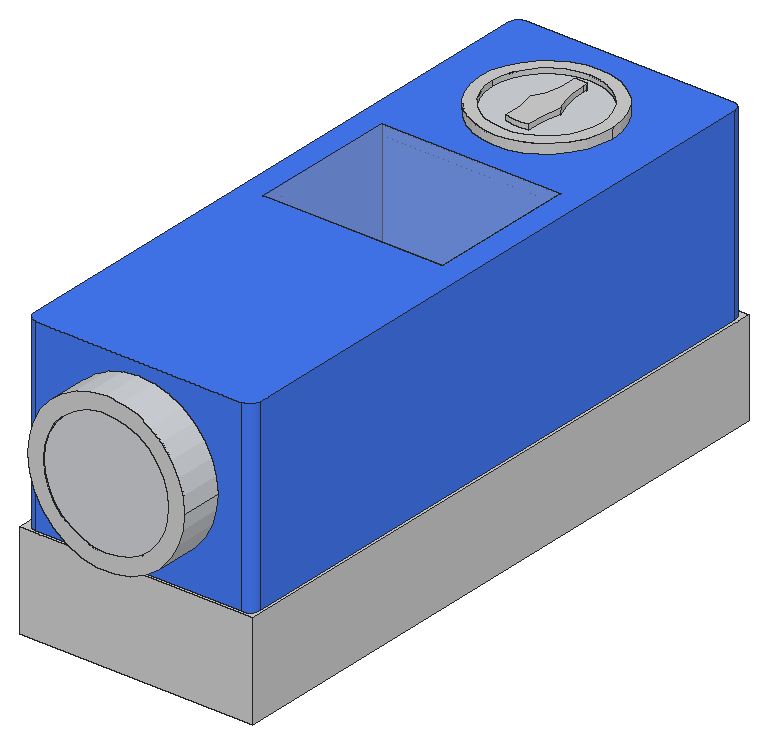
Revit family "Building-IEC309Connections-GEWISS-66IB-INTERLOCKED-SOCKET-OUTLETS-HD_IP66_WITH_BOTTOM", category Apparecchi elettrici, host Superficie, Revit 2019
Family settings
  Host = Superficie
  Mantenere orientamento annotazione = Sì
  Quota connettore circolare = Usa diametro
  Tipo di parte = Normale
  Taglio con vuoti quando caricato = Sì
  Condiviso = Sì
  Punto di calcolo locali = Sì
Parameters (values of type "GW66534 - I.SOCKET IP66 W.B.3P+N+E 63A 500V 7H DIR")
  vetro = Default - Vetro
  presa = Grigio RAL - 7035
  giallo = 0 mm
  dist_piano [instance] = 0 mm
  Working temperature = "-25 ÷ +40 °C"
  With back-mounting box = "Yes"
  Volt = 0 V
  Vista_2d_pianta [instance] = yes
  Version file RFA = "21.4"
  URL = "https://www.gewiss.com/ww/en"
  Typology = "Vertical"
  Type of use = "Heavy duty"
  Thermo-pressure with ball = "80 °C"
  Technical sheet = "https://www.gewiss.com/ww/en/search?q=GW66534"
  Struttura = Grigio RAL - 7035
  Simbolo presa = PRESAINDSTAGNA : 3P
  Simbolo [instance] = no
  Simb_circuito [instance] = not(Simbolo)  # yes
  Shock resistance = "> IK10"
  SEO = "Socket outlet"
  Reference h = "7"
  Realized by GEWISS S.p.A. = ""
  Rated voltage = "480-500V"
  Rated frequency (Hz) = "50/60 Hz"
  Rated current (In) = "63"
  Rated current (A) = "63"
  Protection = "NO (SBF)"
  Default Elevation = 1219.2 mm
  Produttore = "GEWISS S.p.A."
  Operating temperature: = "-25 +40 °C"
  Number of poles = "3P+N+E"
  No. of poles = "3P+N+E"
  N_poli = 1
  Modello = "GW66534"
  Impact resistance at -20 Â°C = "20J"
  Immagine tipo = N.jpg
  IP degree = "IP66"
  IDT = "e79c40bb-f29e-4356-bff3-b78c452b600d"
  IDF = "ec9f9705-d0b9-4c2b-942d-16d83de2ab61"
  Glow wire test: = "850 °C"
  Glow Wire Test = "850 °C"
  Frequency = "50/60 Hz"
  Electrocod = "2222"
  EAN code = "8011564098862"
  Distanza x [instance] = 500 mm
  Distanza orizzontale simbolo [instance] = 0 mm
  Distanza effettiva x [instance] = 1500 mm - Distanza x  # 1000 mm
  Descrizione = "I.SOCKET IP66 W.B.3P+N+E 63A 500V 7H DIR"
  Corpo presa = Light Blue
  Cornice simbolo [instance] = yes
  Colour: = "Black"
  Colour = "Black"
  Catalogue Range = "66 IB"
  Catalogue = "BUILDING"
  COBie.Tagnumber = ""
  COBie.CreatedOn = ""
  COBie.CreatebBy = ""
  COBie.ComponentRegisterItemID = ""
  COBie.Component.TagNumber = ""
  COBie.Component.Space = ""
  COBie.Component.SerialNumber = ""
  COBie.Component.InstallationDate = ""
  COBie.Component.Description = ""
  COBie.Component.BarCode = ""
Types (34, lengths in mm): name | Technical sheet | Reference h | Rated voltage | Rated current (In) | Rated current (A) | Number of poles | No. of poles | Modello | IDT | EAN code | Descrizione | Colour: | Colour
  GW66501 - I.SOCKET IP66 W.B.2P+E 16A 110V 4H DIR | "https://www.gewiss.com/ww/en/search?q=GW66501" | "4" | "100-130V" | "16" | "16" | "2P+E" | "2P+E" | "GW66501" | "b5a7cc95-df77-4ff5-8527-005b95d33681" | "8011564098534" | "I.SOCKET IP66 W.B.2P+E 16A 110V 4H DIR" | "Yellow" | "Yellow"
  GW66502 - I.SOCKET IP66 W.B.3P+E 16A 110V 4H DIR | "https://www.gewiss.com/ww/en/search?q=GW66502" | "4" | "100-130V" | "16" | "16" | "3P+E" | "3P+E" | "GW66502" | "1c74bb55-3833-4ad4-b91f-7052b4ab7263" | "8011564098541" | "I.SOCKET IP66 W.B.3P+E 16A 110V 4H DIR" | "Yellow" | "Yellow"
  GW66503 - I.SOCKET IP66 W.B.3P+N+E 16A 110V 4H DIR | "https://www.gewiss.com/ww/en/search?q=GW66503" | "4" | "100-130V" | "16" | "16" | "3P+N+E" | "3P+N+E" | "GW66503" | "390a5284-8e6f-42f1-b9fd-21b7774059be" | "8011564098558" | "I.SOCKET IP66 W.B.3P+N+E 16A 110V 4H DIR" | "Yellow" | "Yellow"
  GW66504 - I.SOCKET IP66 W.B.2P+E 16A 230V 6H DIR | "https://www.gewiss.com/ww/en/search?q=GW66504" | "6" | "200-250V" | "16" | "16" | "2P+E" | "2P+E" | "GW66504" | "12358ad0-5f9f-43c9-b743-6c9425d59825" | "8011564098565" | "I.SOCKET IP66 W.B.2P+E 16A 230V 6H DIR" | "Blue" | "Blue"
  GW66505 - I.SOCKET IP66 W.B.3P+E 16A 230V 9H DIR | "https://www.gewiss.com/ww/en/search?q=GW66505" | "9" | "200-250V" | "16" | "16" | "3P+E" | "3P+E" | "GW66505" | "c655916d-f10b-4283-aef2-25af41839ded" | "8011564098572" | "I.SOCKET IP66 W.B.3P+E 16A 230V 9H DIR" | "Blue" | "Blue"
  GW66506 - I.SOCKET IP66 W.B.3P+N+E 16A 230V 9H DIR | "https://www.gewiss.com/ww/en/search?q=GW66506" | "9" | "200-250V" | "16" | "16" | "3P+N+E" | "3P+N+E" | "GW66506" | "3b89cd6e-dad7-415e-9107-7e5d61e26f73" | "8011564098589" | "I.SOCKET IP66 W.B.3P+N+E 16A 230V 9H DIR" | "Blue" | "Blue"
  GW66507 - I.SOCKET IP66 W.B.2P+E 16A 400V 9H DIR | "https://www.gewiss.com/ww/en/search?q=GW66507" | "9" | "380-415V" | "16" | "16" | "2P+E" | "2P+E" | "GW66507" | "6a0360e1-9165-4cb6-a454-975e2d1aaf6f" | "8011564098596" | "I.SOCKET IP66 W.B.2P+E 16A 400V 9H DIR" | "Red" | "Red"
  GW66508 - I.SOCKET IP66 W.B.3P+E 16A 400V 6H DIR | "https://www.gewiss.com/ww/en/search?q=GW66508" | "6" | "380-415V" | "16" | "16" | "3P+E" | "3P+E" | "GW66508" | "3f754058-74e4-4aa2-8f08-2aad00f44759" | "8011564098602" | "I.SOCKET IP66 W.B.3P+E 16A 400V 6H DIR" | "Red" | "Red"
  GW66509 - I.SOCKET IP66 W.B.3P+N+E 16A 400V 6H DIR | "https://www.gewiss.com/ww/en/search?q=GW66509" | "6" | "380-415V" | "16" | "16" | "3P+N+E" | "3P+N+E" | "GW66509" | "68ec4d17-ef6c-472c-9659-94b897ddb50a" | "8011564098619" | "I.SOCKET IP66 W.B.3P+N+E 16A 400V 6H DIR" | "Red" | "Red"
  GW66510 - I.SOCKET IP66 W.B.3P+E 16A 500V 7H DIR | "https://www.gewiss.com/ww/en/search?q=GW66510" | "7" | "480-500V" | "16" | "16" | "3P+E" | "3P+E" | "GW66510" | "183773d2-6f43-4f41-befd-6420d31725ce" | "8011564098626" | "I.SOCKET IP66 W.B.3P+E 16A 500V 7H DIR" | "Black" | "Black"
  GW66511 - I.SOCKET IP66 W.B.3P+N+E 16A 500V 7H DIR | "https://www.gewiss.com/ww/en/search?q=GW66511" | "7" | "480-500V" | "16" | "16" | "3P+N+E" | "3P+N+E" | "GW66511" | "342ef0fc-50ac-4f50-8015-b0ee5710060d" | "8011564098633" | "I.SOCKET IP66 W.B.3P+N+E 16A 500V 7H DIR" | "Black" | "Black"
  GW66512 - I.SOCKET IP66 W.B.2P+E 32A 110V 4H DIR | "https://www.gewiss.com/ww/en/search?q=GW66512" | "4" | "100-130V" | "32" | "32" | "2P+E" | "2P+E" | "GW66512" | "d83d5a3b-f030-449e-aa44-85c253a2b952" | "8011564098640" | "I.SOCKET IP66 W.B.2P+E 32A 110V 4H DIR" | "Yellow" | "Yellow"
  GW66513 - I.SOCKET IP66 W.B.3P+E 32A 110V 4H DIR | "https://www.gewiss.com/ww/en/search?q=GW66513" | "4" | "100-130V" | "32" | "32" | "3P+E" | "3P+E" | "GW66513" | "68c3b805-3885-4440-ad39-17c37f93f360" | "8011564098657" | "I.SOCKET IP66 W.B.3P+E 32A 110V 4H DIR" | "Yellow" | "Yellow"
  GW66514 - I.SOCKET IP66 W.B.3P+N+E 32A 110V 4H DIR | "https://www.gewiss.com/ww/en/search?q=GW66514" | "4" | "100-130V" | "32" | "32" | "3P+N+E" | "3P+N+E" | "GW66514" | "7d5ad263-2a64-42dd-a376-d442871c6d1e" | "8011564098664" | "I.SOCKET IP66 W.B.3P+N+E 32A 110V 4H DIR" | "Yellow" | "Yellow"
  GW66515 - I.SOCKET IP66 W.B.2P+E 32A 230V 6H DIR | "https://www.gewiss.com/ww/en/search?q=GW66515" | "6" | "200-250V" | "32" | "32" | "2P+E" | "2P+E" | "GW66515" | "4ecedf65-0204-40ab-b744-e7ef17c7a30e" | "8011564098671" | "I.SOCKET IP66 W.B.2P+E 32A 230V 6H DIR" | "Blue" | "Blue"
  GW66516 - I.SOCKET IP66 W.B.3P+E 32A 230V 9H DIR | "https://www.gewiss.com/ww/en/search?q=GW66516" | "9" | "200-250V" | "32" | "32" | "3P+E" | "3P+E" | "GW66516" | "fbb26cdb-1a0c-457d-ae42-d614dae52d27" | "8011564098688" | "I.SOCKET IP66 W.B.3P+E 32A 230V 9H DIR" | "Blue" | "Blue"
  GW66517 - I.SOCKET IP66 W.B.3P+N+E 32A 230V 9H DIR | "https://www.gewiss.com/ww/en/search?q=GW66517" | "9" | "200-250V" | "32" | "32" | "3P+N+E" | "3P+N+E" | "GW66517" | "30519f75-dc7c-42a6-903a-bab5442053e2" | "8011564098695" | "I.SOCKET IP66 W.B.3P+N+E 32A 230V 9H DIR" | "Blue" | "Blue"
  GW66518 - I.SOCKET IP66 W.B.2P+E 32A 400V 9H DIR | "https://www.gewiss.com/ww/en/search?q=GW66518" | "9" | "380-415V" | "32" | "32" | "2P+E" | "2P+E" | "GW66518" | "9e3db07f-dc65-48c8-9a73-d73bf515b6c7" | "8011564098701" | "I.SOCKET IP66 W.B.2P+E 32A 400V 9H DIR" | "Red" | "Red"
  GW66519 - I.SOCKET IP66 W.B.3P+E 32A 400V 6H DIR | "https://www.gewiss.com/ww/en/search?q=GW66519" | "6" | "380-415V" | "32" | "32" | "3P+E" | "3P+E" | "GW66519" | "dddd76de-4c93-4f99-b0fd-49814d713695" | "8011564098718" | "I.SOCKET IP66 W.B.3P+E 32A 400V 6H DIR" | "Red" | "Red"
  GW66520 - I.SOCKET IP66 W.B.3P+N+E 32A 400V 6H DIR | "https://www.gewiss.com/ww/en/search?q=GW66520" | "6" | "380-415V" | "32" | "32" | "3P+N+E" | "3P+N+E" | "GW66520" | "8ca028ce-b908-4776-8066-90aa20f67898" | "8011564098725" | "I.SOCKET IP66 W.B.3P+N+E 32A 400V 6H DIR" | "Red" | "Red"
  GW66521 - I.SOCKET IP66 W.B.3P+E 32A 500V 7H DIR | "https://www.gewiss.com/ww/en/search?q=GW66521" | "7" | "480-500V" | "32" | "32" | "3P+E" | "3P+E" | "GW66521" | "6f992c0a-7e4f-47a8-b98c-d2e9c0df969f" | "8011564098732" | "I.SOCKET IP66 W.B.3P+E 32A 500V 7H DIR" | "Black" | "Black"
  GW66522 - I.SOCKET IP66 W.B.3P+N+E 32A 500V 7H DIR | "https://www.gewiss.com/ww/en/search?q=GW66522" | "7" | "480-500V" | "32" | "32" | "3P+N+E" | "3P+N+E" | "GW66522" | "be1d3ef6-ea6a-432f-a1a1-cbf436ebbc7e" | "8011564098749" | "I.SOCKET IP66 W.B.3P+N+E 32A 500V 7H DIR" | "Black" | "Black"
  GW66523 - I.SOCKET IP66 W.B.3P+E 32A 380V 3H DIR | "https://www.gewiss.com/ww/en/search?q=GW66523" | "3" | "380-440V" | "32" | "32" | "3P+E" | "3P+E" | "GW66523" | "5cd3a987-5aed-4ca6-94c0-d1d328b3b81f" | "8011564098756" | "I.SOCKET IP66 W.B.3P+E 32A 380V 3H DIR" | "Red" | "Red"
  GW66524 - I.SOCKET IP66 W.B.2P+E 63A 110V4H DIR | "https://www.gewiss.com/ww/en/search?q=GW66524" | "4" | "100-130V" | "63" | "63" | "2P+E" | "2P+E" | "GW66524" | "81f456d2-5733-4386-b697-6f9749774ce4" | "8011564098763" | "I.SOCKET IP66 W.B.2P+E 63A 110V4H DIR" | "Yellow" | "Yellow"
  GW66525 - I.SOCKET IP66 W.B.3P+E 63A 110V 4H DIR | "https://www.gewiss.com/ww/en/search?q=GW66525" | "4" | "100-130V" | "63" | "63" | "3P+E" | "3P+E" | "GW66525" | "5289b6f2-9df7-4d22-accd-5864c1ba9dc7" | "8011564098770" | "I.SOCKET IP66 W.B.3P+E 63A 110V 4H DIR" | "Yellow" | "Yellow"
  GW66526 - I.SOCKET IP66 W.B.3P+N+E 63A 110V 4H DIR | "https://www.gewiss.com/ww/en/search?q=GW66526" | "4" | "100-130V" | "63" | "63" | "3P+N+E" | "3P+N+E" | "GW66526" | "23677e3e-1c90-4ab9-a981-928d752873ac" | "8011564098787" | "I.SOCKET IP66 W.B.3P+N+E 63A 110V 4H DIR" | "Yellow" | "Yellow"
  GW66527 - I.SOCKET IP66 W.B.2P+E 63A 230V 6H DIR | "https://www.gewiss.com/ww/en/search?q=GW66527" | "6" | "200-250V" | "63" | "63" | "2P+E" | "2P+E" | "GW66527" | "71ba9cab-b86d-4d37-beac-dc980a77de68" | "8011564098794" | "I.SOCKET IP66 W.B.2P+E 63A 230V 6H DIR" | "Blue" | "Blue"
  GW66528 - I.SOCKET IP66 W.B.3P+E 63A 230V 9H DIR | "https://www.gewiss.com/ww/en/search?q=GW66528" | "9" | "200-250V" | "63" | "63" | "3P+E" | "3P+E" | "GW66528" | "1dca8c6b-c896-44b7-9b3f-cafecfbb2566" | "8011564098800" | "I.SOCKET IP66 W.B.3P+E 63A 230V 9H DIR" | "Blue" | "Blue"
  GW66529 - I.SOCKET IP66 W.B.3P+N+E 63A 230V 9H DIR | "https://www.gewiss.com/ww/en/search?q=GW66529" | "9" | "200-250V" | "63" | "63" | "3P+N+E" | "3P+N+E" | "GW66529" | "7ece7135-534a-4754-af71-a170e4849097" | "8011564098817" | "I.SOCKET IP66 W.B.3P+N+E 63A 230V 9H DIR" | "Blue" | "Blue"
  GW66530 - I.SOCKET IP66 W.B.2P+E 63A 400V 9H DIR | "https://www.gewiss.com/ww/en/search?q=GW66530" | "9" | "380-415V" | "63" | "63" | "2P+E" | "2P+E" | "GW66530" | "d2870c36-46f4-42a5-801e-b7095132a806" | "8011564098824" | "I.SOCKET IP66 W.B.2P+E 63A 400V 9H DIR" | "Red" | "Red"
  GW66531 - I.SOCKET IP66 W.B.3P+E 63A 400V 6H DIR | "https://www.gewiss.com/ww/en/search?q=GW66531" | "6" | "380-415V" | "63" | "63" | "3P+E" | "3P+E" | "GW66531" | "1252e112-4c6c-4cc2-8d27-7f280d22cbcb" | "8011564098831" | "I.SOCKET IP66 W.B.3P+E 63A 400V 6H DIR" | "Red" | "Red"
  GW66532 - I.SOCKET IP66 W.B.3P+N+E 63A 400V 6H DIR | "https://www.gewiss.com/ww/en/search?q=GW66532" | "6" | "380-415V" | "63" | "63" | "3P+N+E" | "3P+N+E" | "GW66532" | "683e3e8f-9811-4567-b393-21f2ad845484" | "8011564098848" | "I.SOCKET IP66 W.B.3P+N+E 63A 400V 6H DIR" | "Red" | "Red"
  GW66533 - I.SOCKET IP66 W.B.3P+E 63A 500V 7H DIR | "https://www.gewiss.com/ww/en/search?q=GW66533" | "7" | "480-500V" | "63" | "63" | "3P+E" | "3P+E" | "GW66533" | "56afe4bf-388e-4d5c-bc7c-b857a83ce143" | "8011564098855" | "I.SOCKET IP66 W.B.3P+E 63A 500V 7H DIR" | "Black" | "Black"
  GW66534 - I.SOCKET IP66 W.B.3P+N+E 63A 500V 7H DIR | "https://www.gewiss.com/ww/en/search?q=GW66534" | "7" | "480-500V" | "63" | "63" | "3P+N+E" | "3P+N+E" | "GW66534" | "e79c40bb-f29e-4356-bff3-b78c452b600d" | "8011564098862" | "I.SOCKET IP66 W.B.3P+N+E 63A 500V 7H DIR" | "Black" | "Black"
Reference planes
  plane 1 "Centro (Fronte/Retro)": y = 0
  plane 2: z = 0
  plane 3 "Centro (Sinistra/Destra)": x = 0
  plane 4: z = -2
  plane 5: x = -500
  plane 6: x = -1500
  plane 7: x = -500
  plane 8: through (-170.762, -4572, -38.353) normal (-0.6157, 0, 0.788)
  plane 9: x = -51.152
  plane 10: x = 53.222
  plane 11: z = -2
  plane 12: x = -74
  plane 13: x = 74
  plane 14: y = 392
  plane 15: y = -2
Forms (mm)
  Extrusion 1, solid, material "Grigio RAL - 7035" <- "Struttura"
    sketch origin (0, 0, 0) x (1, 0, 0) y (0, 1, 0)
      loop
        line (-74, 392) -> (-74, -2) -> (74, -2) -> (74, 392) -> (-74, 392)
    from -2 to 58.809
Lines and regions (mm)
  Masking region 1, visible <- "Vista_2d_pianta"
    outline origin (0, 0, 0) x (1, 0, 0) y (0, 0, 1)
  Masking region 2, visible <- "Vista_2d_pianta"
    outline origin (0, 0, 0) x (1, 0, 0) y (0, 0, 1)
      loop
        line (-74, 0) -> (74, 0) -> (74, 183.809) -> (-74, 183.809) -> (-74, 0)
Dimensions and locks
  locked: plane 2 to plane 4 at 2
  "Distanza effettiva x": plane 5 to plane 6
  plane 3 "Centro (Sinistra/Destra)" to plane 6 = 1500 mm
  plane 6 to plane 5 = 1000 mm
  "Distanza effettiva x": plane 6 to plane 7
  locked: plane 15 to plane 1 "Centro (Fronte/Retro)" at 2
  locked: plane 12 to nested 1 at 2
  locked: nested 1 to plane 13 at 2
  locked: plane 14 to nested 1 at 2
  "dist_piano": plane 11 to plane 4
  locked: Extrusion 1 to plane 11 at 60.809
  angle plane 8 to plane 4 = 142.00°
  angle plane 7 to plane 8 = 128.00°
  aligned and locked: plane 2 to host face
  aligned and locked: level to host face
  aligned and locked: plane 3 "Centro (Sinistra/Destra)" to nested 1
  aligned and locked: plane 7 to nested 2
  aligned and locked: Extrusion 1 sketch curve to plane 12
  aligned and locked: Extrusion 1 sketch curve to plane 14
  aligned and locked: Extrusion 1 sketch curve to plane 13
  aligned and locked: Extrusion 1 sketch curve to plane 15
  aligned and locked: Extrusion 1 to plane 11
  aligned and locked: Masking region 2 to plane 12
  aligned and locked: plane 13 to Masking region 2
  aligned and locked: Masking region 2 to level
  aligned and locked: nested 1 to Extrusion 1
  aligned and locked: Masking region 2 to nested 1
  aligned and locked: plane 7 to nested 3
Automatic sketch dimensions
  host sketch curve to host sketch curve = 2438.4 mm  (x2)
  Masking region 2 sketch curve to plane 10 = 20.778 mm
  plane 9 to Masking region 2 sketch curve = 22.848 mm
  level to Masking region 2 sketch curve = 0 mm
  Masking region 2 sketch curve to Masking region 2 sketch curve = 183.809 mm
Nested families
  nested 1: "GW66501_master" at (0, 0, -16.191), type "GW66501_master", detail levels medium+fine
  nested 2: "PRESAINDSTAGNA" at (-500, 23.722, 0), Distanza dal muro <- "Distanza orizzontale simbolo", SIMBOLO ACCESO <- "Simbolo", type "3P"
    with SIMBOLO ACCESO no, Distanza dal muro 0 mm, BORDO ACCESO yes
  nested 3: "simbolo_circuitoGW66201N" at (-500, 99.882, 0), Distanza dal muro <- "Distanza orizzontale simbolo", type "3P"
    with SIMBOLO ACCESO yes, Distanza dal muro 0 mm, BORDO ACCESO yes
Connectors
  electrical at (0, -26, 120.019), driven by "N_poli", driven by "Volt"
    settings: on nested 1, index 1, voltage 0 V, apparent load 0 VA, apparent load phase1 0 VA, apparent load phase2 0 VA, apparent load phase3 0 VA, power factor 1, load classification "Altro", number of poles 1, system type 31, power factor state 1, is connector primary yes, connector utility no, sub classification motor no, connector description ""
Definition of nested family "GW66501_master"
  Parameters (values of type "GW66501_master")
    w = 144 mm
    d_piano = 75 mm
    corpo presa = none
    Vetro = none
    Struttura = none
    Spessore = 30 mm
    Raggio = 40 mm
    Default Elevation = 14 mm
    Presa = none
    Lunghezza = 103 mm
    IFC.TypeObject = ""
    IFC.ExportType = ""
    IFC.ExportAs = ""
    H_da terra = 586.883 mm
    COBie.CreatedOn = ""
    COBie.CreatebBy = ""
    COBie.ComponentRegisterItemID = ""
    COBie.Component.TagNumber = ""
    COBie.Component.Space = ""
    COBie.Component.SerialNumber = ""
    COBie.Component.InstallationDate = ""
    COBie.Component.Description = ""
    COBie.Component.BarCode = ""
    Altezza = 390 mm
  Reference planes
    plane 1 "Centro (Fronte/Retro)": y = 0
    plane 2: z = 0
    plane 3 "Centro (Sinistra/Destra)": x = 0
    plane 4 "presa": z = 210
    plane 5: z = 200
    plane 6: z = 194
    plane 7: x = -72
    plane 8: x = 72
    plane 9: y = 390
    plane 10: y = 0
    plane 11: y = 324
    plane 12: z = 197
    plane 13: y = 217
    plane 14: x = -57
    plane 15: x = 57
    plane 16: y = 264
    plane 17: y = 170
    plane 18: z = 84.858
    plane 19: z = 187.562
    plane 20: z = 75
    plane 21: z = 136.21
    plane 22 "presa fronte": y = -26
  Forms (mm)
    Extrusion 1, solid, material <- "Struttura"
      sketch origin (0, -427.104, -30) x (1, 0, 0) y (0, 1, 0)
        loop
          circle (0, 751.104) r 34.75
        loop
          circle (0, 751.104) r 42.079
      from 224 to 230
    Extrusion 2, solid, material <- "Struttura"
      sketch origin (0, -427.104, -30) x (1, 0, 0) y (0, 1, 0)
        loop
          arc (-9.552, 750.899) -> (-7.429, 739.645) -> (-7.314, 728.193) r 64.983
          arc (-7.314, 728.193) -> (-0.131, 727.067) -> (7.064, 728.115) r 24.316
          arc (7.064, 728.115) -> (7.302, 739.566) -> (9.547, 750.796) r 64.983
          arc (9.547, 750.796) -> (5.519, 762.425) -> (4.215, 774.661) r 54.251
          line (4.215, 774.661) -> (4.25, 777.658)
          arc (4.25, 777.658) -> (3.985, 778.329) -> (3.336, 778.647) r 1
          arc (3.336, 778.647) -> (0.147, 778.794) -> (-3.043, 778.682) r 39.364
          arc (-3.043, 778.682) -> (-3.695, 778.371) -> (-3.967, 777.702) r 1
          line (-3.967, 777.702) -> (-3.964, 774.706)
          arc (-3.964, 774.706) -> (-5.4, 762.483) -> (-9.552, 750.899) r 54.251
      from 224 to 230
    Extrusion 3, solid, material <- "corpo presa"
      sketch origin (-2.5, -699.604, -30) x (1, 0, 0) y (0, 1, 0)
        loop
          arc (74.5, 1083.298) -> (72.653, 1087.757) -> (68.194, 1089.604) r 6.306
          line (68.194, 1089.604) -> (-63.194, 1089.604)
          arc (-63.194, 1089.604) -> (-67.653, 1087.757) -> (-69.5, 1083.298) r 6.306
          line (-69.5, 1083.298) -> (-69.5, 706.118)
          arc (-69.5, 706.118) -> (-67.592, 701.512) -> (-62.985, 699.604) r 6.515
          line (-62.985, 699.604) -> (67.985, 699.604)
          arc (67.985, 699.604) -> (72.592, 701.512) -> (74.5, 706.118) r 6.515
          line (74.5, 706.118) -> (74.5, 1083.298)
      from 105 to 224
    Extrusion 4, solid
      sketch origin (0, 0, 210) x (0, -1, 0) y (1, 0, 0)
        loop
          circle (-324, 0) r 34.75
      from -16 to -13
    Extrusion 5, void
      sketch origin (0, 0, 210) x (0, -1, 0) y (1, 0, 0)
        loop
          line (-170, -57) -> (-170, 57) -> (-264, 57) -> (-264, -57) -> (-170, -57)
      from -125.142 to -16
    Extrusion 6, solid, material <- "Vetro"
      sketch origin (0, 0, 210) x (0, -1, 0) y (1, 0, 0)
        loop
          line (-170, -57) -> (-170, 57) -> (-264, 57) -> (-264, -57) -> (-170, -57)
      from -22.438 to -16
    Extrusion 7, solid, material <- "Presa"
      sketch origin (0, 0, 0) x (1, 0, 0) y (0, 0, 1)
        loop
          circle (0, 136.21) r 40
        loop
          circle (0, 136.21) r 50
      from 0 to 26
    Extrusion 8, solid
      sketch origin (0, 0, 0) x (1, 0, 0) y (0, 0, 1)
        loop
          circle (0, 136.21) r 50
      from 0 to 26
  Cuts and joins
    Extrusion 5 cuts Extrusion 3
  Lines and regions (mm)
    symbolic lines
      curve 1: line (0, -26, 178.929) -> (0, -26, 99.929)
      curve 2: line (50, -26, 136.21) -> (-50, -26, 136.21)
  Dimensions and locks
    locked: plane 5 to plane 4 "presa" at 10
    locked: plane 6 to plane 5 at 6
    equal spacing: plane 7, plane 3 "Centro (Sinistra/Destra)", plane 8
    "w": plane 7 to plane 8
    "Altezza": plane 1 "Centro (Fronte/Retro)" to plane 9
    locked: plane 9 to plane 11 at 66
    locked: plane 12 to plane 6 at 3
    locked: plane 9 to plane 13 at 173
    equal spacing: plane 14, plane 3 "Centro (Sinistra/Destra)", plane 15
    plane 14 to plane 15 = 114 mm
    equal spacing: plane 16, plane 13, plane 17
    locked: plane 16 to plane 17 at 94
    locked: plane 6 to plane 19 at 6.438
    plane 6 to plane 20 = 119 mm
    "d_piano": plane 20 to level
    locked: plane 18 to plane 20 at 9.858
    locked: plane 22 "presa fronte" to plane 10 at 26
    equal spacing: plane 18, plane 21, plane 19
    diameter of Extrusion 1 sketch curve = 69.5 mm
    radius of Extrusion 4 sketch curve = 34.75 mm
    aligned and locked: level to plane 2
    aligned and locked: Extrusion 1 to Extrusion 3
    aligned and locked: Extrusion 2 to Extrusion 1
    aligned and locked: Extrusion 1 to Extrusion 2
    aligned and locked: Extrusion 3 to plane 6
    aligned and locked: Extrusion 1 to plane 5
    aligned and locked: Extrusion 3 sketch curve to plane 7
    aligned and locked: Extrusion 3 sketch curve to plane 8
    aligned and locked: Extrusion 3 sketch curve to plane 9
    aligned and locked: plane 10 to Extrusion 3 sketch curve
    aligned and locked: plane 10 to plane 1 "Centro (Fronte/Retro)"
    aligned and locked: plane 11 to Extrusion 1 sketch curve
    aligned and locked: plane 3 "Centro (Sinistra/Destra)" to Extrusion 1 sketch curve
    aligned and locked: plane 3 "Centro (Sinistra/Destra)" to Extrusion 4 sketch curve
    aligned and locked: plane 11 to Extrusion 4 sketch curve
    aligned and locked: plane 6 to Extrusion 4
    aligned and locked: plane 12 to Extrusion 4
    aligned and locked: Extrusion 5 sketch curve to plane 14
    aligned and locked: Extrusion 5 sketch curve to plane 17
    aligned and locked: Extrusion 5 sketch curve to plane 15
    aligned and locked: Extrusion 5 sketch curve to plane 16
    aligned and locked: Extrusion 5 to plane 18
    aligned and locked: Extrusion 5 to plane 6
    aligned and locked: Extrusion 6 sketch curve to plane 14
    aligned and locked: Extrusion 6 sketch curve to plane 17
    aligned and locked: Extrusion 6 sketch curve to plane 16
    aligned and locked: Extrusion 6 sketch curve to plane 15
    aligned and locked: Extrusion 6 to plane 19
    aligned and locked: Extrusion 6 to plane 6
    aligned and locked: plane 20 to cut or joined group of Extrusion 3, Extrusion 5
    aligned and locked: plane 3 "Centro (Sinistra/Destra)" to Extrusion 7 sketch curve
    aligned and locked: plane 21 to Extrusion 7 sketch curve
    aligned and locked: Extrusion 7 to plane 22 "presa fronte"
    aligned and locked: plane 3 "Centro (Sinistra/Destra)" to Extrusion 8 sketch curve
    aligned and locked: plane 21 to Extrusion 8 sketch curve
    aligned and locked: Extrusion 8 to plane 1 "Centro (Fronte/Retro)"
    aligned and locked: Extrusion 8 to plane 22 "presa fronte"
    aligned and locked: plane 3 "Centro (Sinistra/Destra)" to curve 1
    aligned and locked: curve 2 to plane 21
  Automatic sketch dimensions
    Extrusion 2 sketch curve to plane 3 "Centro (Sinistra/Destra)" = 0 mm
    Extrusion 2 sketch curve to plane 3 "Centro (Sinistra/Destra)" = 0.064 mm
    Extrusion 2 sketch curve to plane 3 "Centro (Sinistra/Destra)" = 2.967 mm
    Extrusion 2 sketch curve to Extrusion 2 sketch curve = 0.997 mm
    Extrusion 2 sketch curve to Extrusion 2 sketch curve = 1 mm  (x2)
    Extrusion 2 sketch curve to Extrusion 2 sketch curve = 54.251 mm
    Extrusion 2 sketch curve to Extrusion 2 sketch curve = 13.883 mm
    plane 3 "Centro (Sinistra/Destra)" to Extrusion 2 sketch curve = 3.25 mm
    Extrusion 2 sketch curve to Extrusion 2 sketch curve = 0.965 mm
    Extrusion 2 sketch curve to Extrusion 2 sketch curve = 54.25 mm
    Extrusion 2 sketch curve to Extrusion 2 sketch curve = 13.435 mm
    Extrusion 2 sketch curve to plane 1 "Centro (Fronte/Retro)" = 305.393 mm
    Extrusion 2 sketch curve to plane 1 "Centro (Fronte/Retro)" = 306.167 mm
    Extrusion 2 sketch curve to plane 1 "Centro (Fronte/Retro)" = 312.327 mm
    Extrusion 2 sketch curve to Extrusion 2 sketch curve = 11.953 mm
    Extrusion 2 sketch curve to Extrusion 2 sketch curve = 41.757 mm
    Extrusion 2 sketch curve to Extrusion 2 sketch curve = 23.278 mm
    Extrusion 2 sketch curve to Extrusion 2 sketch curve = 0.044 mm
    Extrusion 2 sketch curve to Extrusion 2 sketch curve = 41.61 mm
    Extrusion 2 sketch curve to Extrusion 2 sketch curve = 2.99 mm
    Extrusion 2 sketch curve to Extrusion 2 sketch curve = 0.007 mm
    Extrusion 2 sketch curve to Extrusion 2 sketch curve = 2.979 mm
    Extrusion 2 sketch curve to Extrusion 2 sketch curve = 0.018 mm
    Extrusion 2 sketch curve to Extrusion 2 sketch curve = 0 mm
    Extrusion 2 sketch curve to plane 3 "Centro (Sinistra/Destra)" = 7.314 mm
    Extrusion 2 sketch curve to Extrusion 2 sketch curve = 9.552 mm
    plane 3 "Centro (Sinistra/Destra)" to Extrusion 2 sketch curve = 7.064 mm
    Extrusion 3 sketch curve to Extrusion 3 sketch curve = 6.306 mm  (x2)
    Extrusion 3 sketch curve to Extrusion 3 sketch curve = 6.515 mm  (x2)
    Extrusion 1 sketch curve to Extrusion 1 sketch curve = 0 mm  (x2)
    Extrusion 7 sketch curve to Extrusion 7 sketch curve = 0 mm  (x2)
    plane 18 to curve 1 = 15.071 mm
    curve 1 to plane 19 = 8.633 mm
    curve 2 to plane 14 = 7 mm
    plane 15 to curve 2 = 7 mm
    radius of Extrusion 1 sketch curve = 42.079 mm
    radius of Extrusion 7 sketch curve = 40 mm
    radius of Extrusion 7 sketch curve = 50 mm
    radius of Extrusion 8 sketch curve = 50 mm
Definition of nested family "PRESAINDSTAGNA"
  Parameters (values of type "3P")
    SIMBOLO ACCESO [instance] = yes
    SIMBOLO = PRESAINDSTAGNA_BASE : 3P
    Distanza dal muro [instance] = 0 mm
    BORDO ACCESO [instance] = yes
  Types (2): name
    2P
    3P
  Reference planes
    plane 1: y = 0
    plane 2: x = 0
  Dimensions and locks
    "Distanza dal muro": plane 1 to nested 1
    aligned and locked: plane 2 to nested 1
  Nested families
    nested 1: "PRESAINDSTAGNA_BASE" at (0, 0, 0), type <- "SIMBOLO", CORNICE SIMBOLO <- "BORDO ACCESO", visible <- "SIMBOLO ACCESO", type "3P"
  Definition of nested family "PRESAINDSTAGNA_BASE"
    Parameters (values of type "3P")
      CORNICE SIMBOLO [instance] = yes
      3P = yes
    Types (2, lengths in mm): name | 3P
      3P | yes
      2P | no
    Reference planes
      plane 1: y = 0
      plane 2: x = 0
    Lines and regions (mm)
      detail lines, not visible
        curve 1: line (-2.443, 10.208, 0) -> (2.057, 10.208, 0)
        curve 2: line (2.057, 10.208, 0) -> (2.057, 4.208, 0)
        curve 3: line (2.057, 4.208, 0) -> (-2.443, 4.208, 0)
        curve 4: line (-2.443, 4.208, 0) -> (-2.443, 10.208, 0)
        curve 5: line (-2.043, 9.808, 0) -> (1.657, 9.808, 0)
        curve 6: line (1.657, 9.808, 0) -> (1.657, 4.608, 0)
        curve 7: line (1.657, 4.608, 0) -> (-2.043, 4.608, 0)
        curve 8: line (-2.043, 4.608, 0) -> (-2.043, 9.808, 0)
      detail lines
        curve 9: line (-0.333, 0.928, 0) -> (-0.05, 0.928, 0)
        curve 10: line (-0.05, 0.928, 0) -> (0.417, 1.737, 0)
        curve 11: line (0.417, 1.737, 0) -> (0.764, 1.537, 0)
        curve 12: line (-0.05, 0.928, 0) -> (-0.333, 0.437, 0)
        curve 13: line (-0.333, 0.437, 0) -> (-0.333, 2.059, 0)
        curve 14: line (0.222, 1.399, 0) -> (0.569, 1.199, 0)
        curve 15: line (-0.723, 0.437, 0) -> (0.057, 0.437, 0)
        curve 16: line (-0.333, 0.81, 0) -> (-0.216, 0.928, 0)
        curve 17: line (-0.333, 0.741, 0) -> (-0.147, 0.928, 0)
        curve 18: line (-0.333, 0.672, 0) -> (-0.078, 0.928, 0)
        curve 19: line (-0.333, 0.603, 0) -> (-0.106, 0.831, 0)
        curve 20: line (-0.333, 0.534, 0) -> (-0.2, 0.668, 0)
        curve 22: arc (-0.723, 0.047, 0) -> (-0.333, 0.437, 0) -> (0.057, 0.047, 0) r 0.39
        curve 23: line (-0.8, 2.1, 0) -> (0.8, 2.1, 0)
        curve 24: line (-0.8, 0, 0) -> (-0.8, 2.1, 0)
        curve 25: line (0.8, 0, 0) -> (-0.8, 0, 0)
        curve 26: line (0.8, 2.1, 0) -> (0.8, 0, 0)
      detail lines, visible <- "3P"
        curve 21: line (0.028, 1.061, 0) -> (0.374, 0.861, 0)
Definition of nested family "simbolo_circuitoGW66201N"
  Parameters (values of type "3P")
    SIMBOLO ACCESO [instance] = yes
    SIMBOLO = PRESAINDSTAGNA_BASE : 3P
    Distanza dal muro [instance] = 0 mm
    BORDO ACCESO [instance] = yes
  Reference planes
    plane 1: y = 0
    plane 2: x = 0
  Dimensions and locks
    "Distanza dal muro": plane 1 to nested 1
    aligned and locked: plane 2 to nested 1
  Nested families
    nested 1: "GW66201N-simb_base_di circuito" at (0, 0, 0), visible <- "SIMBOLO ACCESO", type "3P"
      with CORNICE SIMBOLO yes
  Definition of nested family "GW66201N-simb_base_di circuito"
    Parameters (values of type "3P")
      CORNICE SIMBOLO [instance] = yes
      3P = yes
    Types (2, lengths in mm): name | 3P
      3P | yes
      2P | no
    Reference planes
      plane 1: y = 0
      plane 2: x = 0
    Lines and regions (mm)
      detail lines, not visible
        curve 1: line (-2.443, 10.208, 0) -> (2.057, 10.208, 0)
        curve 2: line (2.057, 10.208, 0) -> (2.057, 4.208, 0)
        curve 3: line (2.057, 4.208, 0) -> (-2.443, 4.208, 0)
        curve 4: line (-2.443, 4.208, 0) -> (-2.443, 10.208, 0)
        curve 5: line (-2.043, 9.808, 0) -> (1.657, 9.808, 0)
        curve 6: line (1.657, 9.808, 0) -> (1.657, 4.608, 0)
        curve 7: line (1.657, 4.608, 0) -> (-2.043, 4.608, 0)
        curve 8: line (-2.043, 4.608, 0) -> (-2.043, 9.808, 0)
    Dimensions and locks
      aligned and locked: import instance to plane 2
      aligned and locked: plane 1 to import instance
